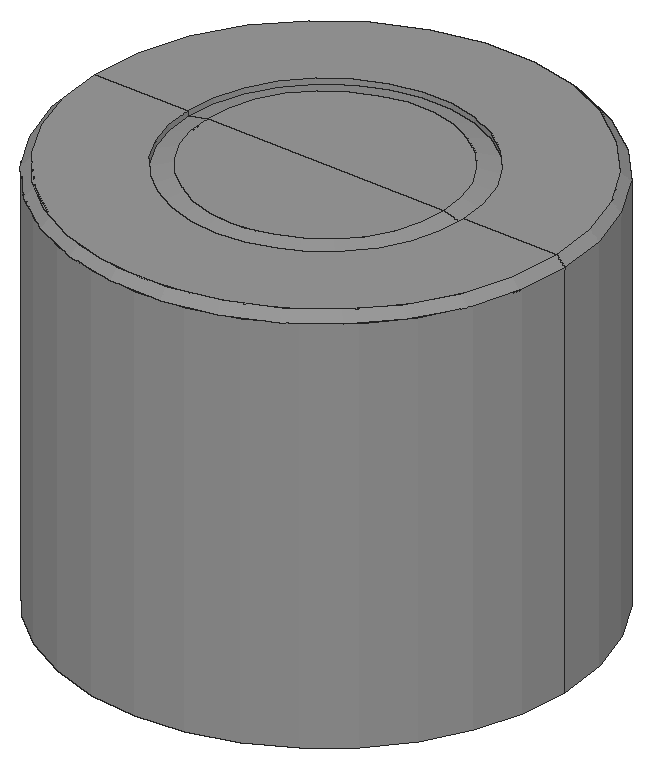
Revit family "4069274 Sylvania Lighting Fixture PATHE GROUND ROUND2 MEDIUM 87LM LED 3K", category Lighting Fixtures, host Face, Revit 2016
Family settings
  Host = Face
  Part Type = Normal
  Round Connector Dimension = Use Diameter
  OmniClass Number = 23.80.70.00
  OmniClass Title = Lighting
  Cut with Voids When Loaded = No
  Light Source = Yes
  Shared = No
  Room Calculation Point = No
Parameters (values of type "4069274 PATHE/G/R2 MED 87LM LED 3K")
  Weight = "0.6 kg"
  Wattage Comments = ""
  Wattage = 1.5 W
  WarrantyStartDate [instance] = "n/a"
  WarrantyGuarantorParts = "n/a"
  WarrantyDurationUnit = "n/a"
  WarrantyDurationParts = "n/a"
  WarrantyDescription = "n/a"
  built-in parameter 1150110 = 1 (stored number, unit not read)
  Voltage = 0 V
  URL = "http://www.sylvania-lighting.com"
  TypeName = "PATHE/GROUND/ROUND2 MEDIUM 87LM LED 3K"
  Type Image = <None>
  Type Comments = "n/a"
  built-in parameter 1114217 = 1 (stored number, unit not read)
  Tilt Angle = -90.00°
  built-in parameter 1150109 = 1 (stored number, unit not read)
  built-in parameter 1150134 = (empty or 0)
  built-in parameter 1150113 = 1 (stored number, unit not read)
  SerialNumber [instance] = "n/a"
  Radius_SYL = 47.5 mm
  RadiusDiffuser_SYL = 27.5 mm
  Photometric Web File = "4069274.ies"
  Material_3_SYL = none
  PowerFactor = 0
  PowerConsumption = "1.5 W"
  NominalLength = 95 mm
  NominalHeight = 75 mm
  NominalDepth = 0 mm
  Name = "PATHE/GROUND/ROUND2 MEDIUM 87LM LED 3K"
  ModelReference = Name  # "PATHE/GROUND/ROUND2 MEDIUM 87LM LED 3K"
  ModelNumber = "4069274"
  Model = Name  # "PATHE/GROUND/ROUND2 MEDIUM 87LM LED 3K"
  Material = "corrosion resistant die-cast aluminium housing, anti uv polycarbonate diffuser"
  ManufacturerName = "Feilo Sylvania"
  Manufacturer = "Feilo Sylvania"
  LuminousEfficacy = "58 lm/W"
  built-in parameter 1150105 = 6.9232 (stored number, unit not read)
  Lumens = 87 lm
  LuminaireType = ""
  built-in parameter 1150115 = 1 (stored number, unit not read)
  LightOutputRatio = "100"
  built-in parameter 1150137 = (empty or 0)
  built-in parameter 1150139 = (empty or 0)
  LampsType = Lamp  # "LED"
  LampNominalLuminous = "87 lm"
  LampMacAdamStep = "n/a"
  LampColourTemperature = "3000 K"
  LampColourRenderingIndex = "80"
  built-in parameter 1150112 = 1 (stored number, unit not read)
  built-in parameter 1150114 = 1 (stored number, unit not read)
  Lamp = "LED"
  Keynote = "16500"
  InstallationDate [instance] = "n/a"
  InputVoltage = "n/a"
  InputNominalFrequency = "n/a"
  built-in parameter 1150132 = (empty or 0)
  built-in parameter 1150102 = (empty or 0)
  built-in parameter 1150107 = 3000 (stored number, unit not read)
  built-in parameter 1150138 = (empty or 0)
  IngressProtection = "IP67"
  ImpactProtectionIndex = "IK08"
  built-in parameter 1150106 = 0.069232 (stored number, unit not read)
  IfcExportType = "IfcLightFixtureType"
  IfcExportAs = "IfcLightFixtureType"
  HieghtTop_SYL = 2.2 mm
  ExpectedLife = 50000
  Emit from Circle Diameter = RadiusDiffuser_SYL * 2  # 55 mm
  Emit Shape Visible in Rendering = no
  ElectricShockClassification = "Class I"
  built-in parameter 1150104 = 5.3884 (stored number, unit not read)
  DurationUnit = "hours"
  DocumentationLiterature = "http://www.sylvania-lighting.com/product/en-int/products/4069274"
  DimmingControlOptions = "n/a"
  Material_2_SYL = Polycarbonate, Clear
  Dimming Lamp Color Temperature Shift = <None>
  Description = "Round recessed ground luminaireCorrosion resistant die-cast aluminium, 87lm, 1.5W, 58lm/W, 3000K, CRI80+, 30°, non dimmable, IP67, IK08, (ØxD) Ø95x75mm, 3 step MacAdam ellipse, Class I, 220-240V, A++ A+ A"
  Default Elevation = 1219.2 mm
  CreatedOn = "9/21/2018"
  CreatedBy = "@sylvania-lighting.com"
  Cost = 0
  Color Filter = 16777215
  built-in parameter 1114216 [instance] = (empty or 0)
  ClassificationValue = "EF_70_80"
  ClassificationName = "Uniclass2015"
  Material_1_SYL = Aluminum 6061 T6 80 Hot Formed
  ChamferTop_SYL = 1.7 mm
  ChamferDiffuserTop_SYL = 4 mm
  ChamferDiffuserSide_SYL = 1 mm
  BarCode [instance] = "n/a"
  built-in parameter 1114218 = 1 (stored number, unit not read)
  built-in parameter 1150133 = 10 (stored number, unit not read)
  AssetType = "Fixed"
  AssetIdentifier [instance] = "n/a"
  Assembly Code = "D5020200"
  Apparent Load = 1.5 VA
  Material_4_SYL = none
Reference planes
  plane 1 "Center (Front/Back)": y = 0
  plane 2: z = 0
  plane 3 "Center (Left/Right)": x = 0
  plane 4: x = -40
  plane 5: x = -47.5
  plane 6: z = -75
  plane 7: x = -27.5
  plane 8: z = 2.2
  plane 9: x = -45.8
  plane 10: z = -36
  plane 11: z = -29.5
  plane 12: x = -23.5
  plane 13: z = 1.2
  plane 14: z = -6
  plane 15: z = 0.5
Forms (mm)
  Revolve 1, solid, material "Aluminum 6061 T6 80 Hot Formed" <- "Material_1_SYL"
    sketch origin (0, 0, 0) x (1, 0, 0) y (0, 0, 1)
      loop
        line (-47.5, -75) -> (0, -75) -> (0, -6) -> (-45.8, -6) -> (-45.8, 0) -> (-27.5, 0) -> (-27.5, 2.2) -> (-45.8, 2.2) -> (-47.5, 0.5) -> (-47.5, -75)
      axis (0, 2.2) -> (0, -75)
    angle from 360 to 0
  Revolve 2, solid, material "Polycarbonate, Clear" <- "Material_2_SYL"
    sketch origin (0, 0, 0) x (1, 0, 0) y (0, 0, 1)
      loop
        line (-27.5, 1.2) -> (-27.5, 0) -> (0, 0) -> (0, 2.2) -> (-23.5, 2.2) -> (-27.5, 1.2)
      axis (0, 2.2) -> (0, 0)
    angle from 360 to 0
  Revolve 3, void
    sketch origin (0, 0, 0) x (1, 0, 0) y (0, 0, 1)
      loop
        line (0, -75) -> (0, 0) -> (-47.5, 0) -> (-47.5, -75) -> (0, -75)
      axis (0, 0) -> (0, -75)
    angle from 360 to 0
Cuts and joins
  Revolve 3 cuts Revolve 2
Dimensions and locks
  locked: plane 2 to plane 6 at 75
  locked: plane 3 "Center (Left/Right)" to plane 4 at 40
  "Radius_SYL": plane 3 "Center (Left/Right)" to plane 5
  "RadiusDiffuser_SYL": plane 3 "Center (Left/Right)" to plane 7
  "ChamferTop_SYL": plane 9 to plane 5
  "ChamferDiffuserSide_SYL": plane 8 to plane 13
  "ChamferDiffuserTop_SYL": plane 12 to plane 7
  locked: plane 2 to plane 14 at 6
  "ChamferTop_SYL": plane 8 to plane 15
  "HieghtTop_SYL": plane 8 to plane 2
  aligned and locked: plane 2 to host face
  aligned and locked: level to host face
  aligned and locked: Revolve 1 sketch curve to plane 3 "Center (Left/Right)"  (x2)
  aligned and locked: plane 5 to Revolve 1 sketch curve
  aligned and locked: plane 8 to Revolve 1 sketch curve
  aligned and locked: level to Revolve 1 sketch curve
  aligned and locked: plane 9 to Revolve 1 sketch curve  (x2)
  aligned and locked: plane 7 to Revolve 1 sketch curve
  aligned and locked: plane 8 to Revolve 2 sketch curve
  aligned and locked: Revolve 2 sketch curve to plane 3 "Center (Left/Right)"  (x2)
  aligned and locked: Revolve 1 to Revolve 2 sketch curve
  aligned and locked: plane 14 to Revolve 1 sketch curve
  aligned and locked: plane 12 to Revolve 2 sketch curve
  aligned and locked: plane 7 to Revolve 2 sketch curve
  aligned and locked: plane 13 to Revolve 2 sketch curve
  aligned and locked: imposter light to plane 8
  aligned and locked: imposter light to plane 1 "Center (Front/Back)"
  aligned and locked: plane 3 "Center (Left/Right)" to imposter light
  aligned and locked: plane 15 to Revolve 1 sketch curve
  aligned and locked: plane 6 to Revolve 1 sketch curve
  aligned and locked: Revolve 3 sketch curve to plane 3 "Center (Left/Right)"  (x2)
  aligned and locked: Revolve 3 sketch curve to Revolve 1
  aligned and locked: Revolve 3 sketch curve to level
  aligned and locked: plane 5 to Revolve 3 sketch curve
Automatic sketch dimensions
  host sketch curve to host sketch curve = 2438.4 mm  (x2)
  plane 6 to Revolve 2 sketch curve = 534.6 mm
  Revolve 2 sketch curve to Revolve 2 sketch curve = 2607.058 mm
  plane 6 to Revolve 1 sketch curve = 534.6 mm
  Revolve 1 sketch curve to plane 8 = 2607.058 mm
  plane 6 to Revolve 3 sketch curve = 534.6 mm
  Revolve 3 sketch curve to plane 8 = 2607.058 mm
Connectors
  electrical at (0, 0, 0), driven by "Apparent Load", driven by "PowerFactor", driven by "Voltage"
    settings: index 1, voltage 0 V, apparent load 1.5 VA, apparent load phase1 0 VA, apparent load phase2 0 VA, apparent load phase3 0 VA, power factor 0, load classification "Lighting", number of poles 1, system type 30, power factor state 1, is connector primary yes, connector utility no, sub classification motor no, connector description ""
